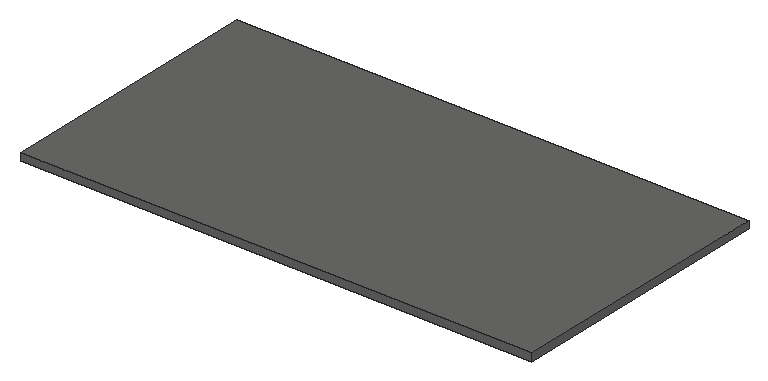
Revit family "Desk_Accessory-Teknion-BASPE_Seat_Pad_Felt-R2018", category Furniture, Revit 2018
Family settings
  OmniClass Number = 23.40.20.00
  OmniClass Title = General Furniture and Specialties
  Work Plane-Based = Yes
  Always vertical = Yes
  Cut with Voids When Loaded = No
  Shared = Yes
  Room Calculation Point = No
Parameters (values of type "19" Depth")
  Width [instance] = 36.000"
  Warranty = "http://www.teknion.com/ca/papers/legal-canada"
  Unit Weight URL = "http://www.teknion.com/ca/tools/assets#&asset=bee6a381-b954-425e-8283-5a2de3a804f2,f828d448-4b62-4231-9e5f-9a8991c0ed77"
  URL = "www.teknion.com"
  To render please download texture images found here [instance] = "https://assets.teknion.com/web/5e81352c1dfdb467/revit-material-swatches/"
  Sustainability Data = "https://www.teknion.com/ca/tools/assets#&topic=216f99a5-57a0-44fc-b10a-9dee9b29ae4c&asset=444deb64-fe58-4b68-981e-f75e97781df7,b4ff2d81-9f2e-437d-9659-7cffb09c31cf"
  Series = "Expansion Casegoods"  # constant formula
  Seat Finish [instance] = Fabric-Teknion-RB11-Carbon
  Product Page URL = "https://www.teknion.com/ca/products/product-details?productLineId=0053336e-8e7a-673b-a6c8-ff00004460c4"
  Product Line = "Expansion Casegoods"  # constant formula
  Product Documentation Link = "https://www.teknion.com/pricing/expansion-casegoods/pdfs/BASPE_ppg.pdf"
  Part Number = "BASPE"  # constant formula
  Model = "BASPE19_"
  Manufacturer Phone = "416-661-3370"  # constant formula
  Manufacturer Fax = "416.661.4586"  # constant formula
  Manufacturer Contact Information = "http://www.teknion.com/ca/contactus"
  Manufacturer Address = "1150 Flint Road, Toronto, ON. M3J 2J5. Canada"  # constant formula
  Manufacturer = "Teknion"  # constant formula
  How To Use Teknion Materials User Guide [instance] = "https://assets.teknion.com/m/205dd0a49fa58060/original/How-to-add-a-Material-Library-and-Texture-Images-to-your-Revit-project.pdf"
  For Additional Finishes please visit [instance] = "https://assets.teknion.com/m/44a8009b046e5d47/original/Teknion_Materials_Library.zip"
  Description = "Seat Pad - Felt, 19\" Depth"
  Depth = 19.039"
  Default Elevation = 48.000"
  Available Widths [instance] = if(Depth = 16.185", "16, 24, 30, and 36 Inches", if(Depth = 18.185", "16, 18, 24, 30, and 36 Inches", "19, 24, 30, and 36 Inches"))  # "19, 24, 30, and 36 Inches"
  Assembly Code = "E2020200"
  Actual Width [instance] = Width + 0.039"  # 36.039"
Types (4): name | Width | Model | Description | Depth | Available Widths | Actual Width
  (no name) | 36.000" | "BASPE19_" | "Seat Pad - Felt, 19\" Depth" | 19.039" | "19, 24, 30, and 36 Inches" | 36.039"
  16" Depth | 24.000" | "BASPE16_" | "Seat Pad - Felt, 16\" Depth" | 16.185" | "16, 24, 30, and 36 Inches" | 24.039"
  18" Depth | 24.000" | "BASPE18_" | "Seat Pad - Felt, 18\" Depth" | 18.185" | "16, 18, 24, 30, and 36 Inches" | 24.039"
  19" Depth | 36.000" | "BASPE19_" | "Seat Pad - Felt, 19\" Depth" | 19.039" | "19, 24, 30, and 36 Inches" | 36.039"
Reference planes (in)
  plane 1 "Center Front/Back": y = 0
  plane 2: z = 0
  plane 3 "Center Left/Right": x = 0
  plane 4 "Left": x = -18
  plane 5 "Right": x = 18
  plane 6 "Back": y = 9.5195
  plane 7 "Front": y = -9.5195
  plane 8 "Top": z = 0.55118
Forms (in)
  Sweep 1, solid, material "Fabric-Teknion-RB11-Carbon" <- "Seat Finish"
    path origin (0, 0, 0) x (1, 0, 0) y (0, 0, 1)
      loop
        line (0, 0) -> (0, 0.55118)
    profile origin (0, 0, 0.27559) x (-1, 0, 0) y (0, -1, 0)
      loop
        line (18, -9.5195) -> (18, 9.5195) -> (-18, 9.5195) -> (-18, -9.5195) -> (18, -9.5195)
Lines and regions (in)
  Masking region 1
    outline origin (0, 0, 0) x (1, 0, 0) y (0, 1, 0)
      loop
        line (-18, 9.5195) -> (-18, -9.5195) -> (18, -9.5195) -> (18, 9.5195) -> (-18, 9.5195)
  reference lines
    curve 1: line (-18, 9.5195, 0) -> (-18, -9.5195, 0)
    curve 2: line (18, 9.5195, 0) -> (18, -9.5195, 0)
Dimensions and locks (in)
  "Width": plane 4 "Left" to plane 5 "Right"
  "Depth": plane 6 "Back" to plane 7 "Front"
  locked: plane 8 "Top" to level at 0.55118
  equal spacing: plane 4 "Left", plane 3 "Center Left/Right", plane 5 "Right"
  equal spacing: plane 6 "Back", plane 1 "Center Front/Back", plane 7 "Front"
  aligned and locked: level to plane 2
  aligned and locked: plane 8 "Top" to Sweep 1 sketch curve
  aligned and locked: plane 3 "Center Left/Right" to Sweep 1 sketch curve
  aligned and locked: level to Sweep 1 sketch curve
  aligned and locked: Sweep 1 sketch curve to plane 4 "Left"
  aligned and locked: Sweep 1 sketch curve to plane 6 "Back"
  aligned and locked: Sweep 1 sketch curve to plane 5 "Right"
  aligned and locked: Sweep 1 sketch curve to plane 7 "Front"
  aligned and locked: Masking region 1 sketch curve to plane 6 "Back"
  aligned and locked: Masking region 1 sketch curve to plane 4 "Left"
  aligned and locked: Masking region 1 sketch curve to plane 7 "Front"
  aligned and locked: Masking region 1 sketch curve to plane 5 "Right"
  aligned and locked: curve 1 to plane 4 "Left"
  aligned and locked: curve 2 to plane 5 "Right"
Automatic sketch dimensions
  curve 1 to plane 7 "Front" = 0.000"
  curve 1 to plane 6 "Back" = 0.000"
  plane 7 "Front" to curve 2 = 0.000"
  curve 2 to plane 6 "Back" = 0.000"
